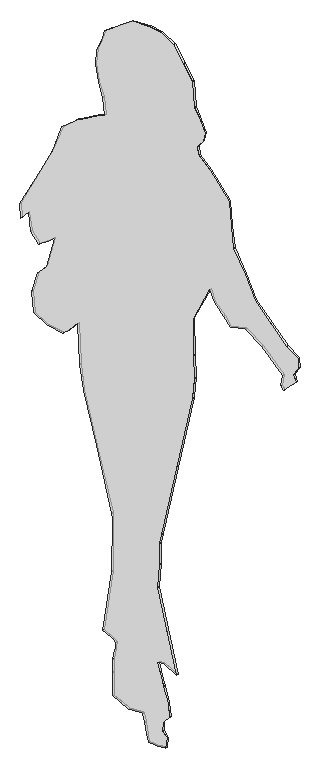
Revit family "Flat Lady 09", category Entourage, Revit 2015
Parameters
  Flat Material [instance] = none
  Height = 0 mm
Reference planes
  plane 1 "Center (Front/Back)": y = 0
  plane 2: z = 0
  plane 3 "Center (Left/Right)": x = 0
Forms (mm)
  Extrusion 1, solid, material <- "Flat Material"
    sketch origin (0, 0, 0) x (1, 0, 0) y (0, 0, 1)
      loop
        line (441.04, 991.596) -> (410.732, 1008.535) -> (329.064, 1089.666) -> (302.653, 1141.186) -> (272.207, 1189.926) -> (266.479, 1240.646) -> (260.139, 1296.707) -> (210.399, 1351.856) -> (181.37, 1378.237) -> (177.743, 1396.076) -> (192.096, 1414.606) -> (198.071, 1434.936) -> (181.924, 1466.017) -> (170.991, 1487.066) -> (165.16, 1544.185) -> (141.075, 1578.035) -> (115.522, 1613.956) -> (82.364, 1631.456) -> (53.009, 1634.466) -> (6.338, 1631.456) -> (-24.516, 1611.147) -> (-49.123, 1594.946) -> (-65.916, 1583.305) -> (-74.204, 1556.976) -> (-86.998, 1531.385) -> (-90.01, 1496.027) -> (-82.477, 1456.156) -> (-70.438, 1424.556) -> (-66.114, 1383.236) -> (-84.767, 1376.787) -> (-98.791, 1370.666) -> (-121.378, 1358.557) -> (-136.39, 1350.496) -> (-141.821, 1346.226) -> (-178.104, 1317.787) -> (-202.588, 1254.366) -> (-234.539, 1196.796) -> (-288.517, 1099.506) -> (-286.061, 1065.176) -> (-265.617, 1086.426) -> (-259.889, 1044.737) -> (-238.013, 1020.447) -> (-213.47, 1037.266) -> (-197.717, 1048.055) -> (-218.808, 975.805) -> (-240.639, 953.226) -> (-256.45, 904.3) -> (-251.179, 855.379) -> (-216.546, 837.314) -> (-175.886, 833.551) -> (-161.856, 842.647) -> (-135.626, 872.267) -> (-131.096, 776.193) -> (-122.172, 719.198) -> (-88.242, 600.488) -> (-47.268, 456.493) -> (-46.325, 442.974) -> (-46.711, 319.763) -> (-70.684, 172.466) -> (-44.952, 162.531) -> (-36.772, 157.854) -> (-38.429, 144.062) -> (-38.94, 139.807) -> (-44.601, 113.88) -> (-44.376, 84.116) -> (-43.977, 29.106) -> (-24.022, 20.38) -> (-2.815, 12.899) -> (33.97, 14.77) -> (38.963, -3.308) -> (44.578, -31.357) -> (47.841, -47.661) -> (72.637, -49.435) -> (94.467, -44.447) -> (98.207, -19.514) -> (86.355, -7.67) -> (88.232, 13.523) -> (105.067, 30.353) -> (100.699, 61.519) -> (89.183, 98.799) -> (85.301, 111.332) -> (72.703, 149.524) -> (90.827, 149.826) -> (123.823, 135.181) -> (73.444, 324.888) -> (79.101, 379.926) -> (78.476, 430.183) -> (83.594, 452.121) -> (164.999, 800.96) -> (169.847, 850.422) -> (167.907, 903.763) -> (165.865, 987.957) -> (209.95, 1071.787) -> (221.9, 1046.886) -> (245.81, 1020.996) -> (262.748, 1002.077) -> (303.605, 1012.035) -> (345.449, 987.137) -> (401.238, 938.335) -> (396.259, 911.447) -> (404.052, 904.314) -> (436.927, 934.091) -> (430.251, 949.495) -> (443.091, 970.035) -> (441.04, 991.596)
    from -2.5 to 2.5
Lines and regions (mm)
  model lines
    curve 1: line (-150, 0, 0) -> (150, 0, 0)
    curve 2: line (0, -150, 0) -> (0, 150, 0)
Dimensions and locks
  aligned and locked: level to plane 2
